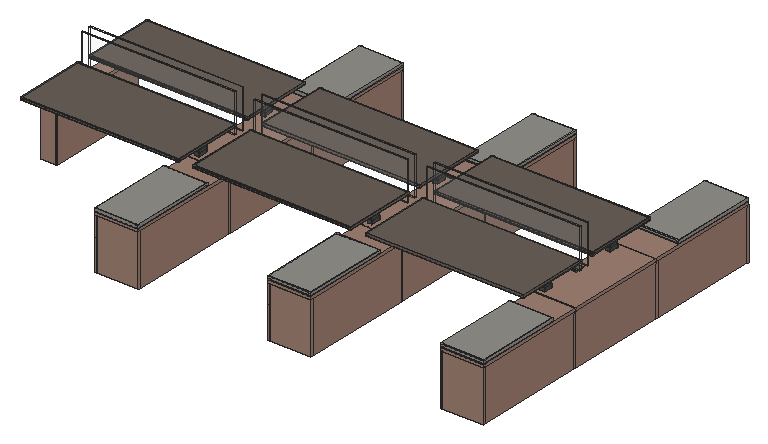
Revit family "T200199", category Furniture, Revit 2015 (continued)
Definition of nested family "STAKS BOX-FILE-OPEN SHELVES FLOOR STORAGE Right 42-48"
  Reference planes (in)
    plane 30: x = -17.25
    plane 31: x = -17.625
    plane 32: x = -20.125
  Forms (in)
    Extrusion 1, solid, material <- "Board Material"
      sketch origin (0, 0, 0) x (-1, 0, 0) y (0, -1, 0)
        loop
          line (-16.75, 0) -> (-16, 0) -> (-16, 17.25) -> (-16.75, 17.25) -> (-16.75, 0)
      from 0.5 to 21.875
    Extrusion 2, solid, material <- "Board Material"
      sketch origin (0, 0, 0) x (1, 0, 0) y (0, 1, 0)
        loop
          line (-24.5, -0.75) -> (-24.5, -17.25) -> (16, -17.25) -> (16, -0.75) -> (-24.5, -0.75)
      from 0.5 to 1.5
    Extrusion 3, solid, material <- "Top Material"
      sketch origin (0, 0, 0) x (1, 0, 0) y (0, 1, 0)
        loop
          line (-25.25, 0) -> (-25.25, -18) -> (16.75, -18) -> (16.75, 0) -> (-25.25, 0)
      from 21.875 to 23
    Extrusion 4, solid, material <- "Board Material"
      sketch origin (0, 27.875, 0) x (1, 0, 0) y (0, 1, 0)
        loop
          line (-24.5, -27.875) -> (-24.5, -28.625) -> (16, -28.625) -> (16, -27.875) -> (-24.5, -27.875)
      from 0.5 to 21.875
    Revolve 5, solid, material <- "Leg Caps Material"
      sketch origin (-11.27629, -3.5, 0) x (-1, 0, 0) y (0, 0, -1)
        loop
          line (-26.02629, -0.5) -> (-25.83829, -0.5) -> (-25.83829, 0) -> (-26.21329, 0) -> (-26.21329, -0.12502)
          arc (-26.21329, -0.12502) -> (-26.17668, -0.2134) -> (-26.08831, -0.25) r 0.12498
          line (-26.08831, -0.25) -> (-26.02629, -0.25) -> (-26.02629, -0.5)
        axis (-25.83829, 0) -> (-25.83829, -0.5)
      angle from 0 to 360
    Revolve 6, solid, material <- "Leg Caps Material"
      sketch origin (-7.02629, -14.5, 0) x (-1, 0, 0) y (0, 0, 1)
        loop
          line (-21.77629, 0.5) -> (-21.77629, 0.25) -> (-21.83831, 0.25)
          arc (-21.83831, 0.25) -> (-21.92668, 0.2134) -> (-21.96329, 0.12502) r 0.12498
          line (-21.96329, 0.12502) -> (-21.96329, 0) -> (-21.58829, 0) -> (-21.58829, 0.5) -> (-21.77629, 0.5)
        axis (-21.58829, 0) -> (-21.58829, 0.5)
      angle from 0 to 360
    Extrusion 7, solid, material <- "Board Material"
      sketch origin (-29.25, 0, 0) x (-1, 0, 0) y (0, -1, 0)
        loop
          line (-4.75, 0) -> (-4, 0) -> (-4, 17.25) -> (-4.75, 17.25) -> (-4.75, 0)
      from 0.5 to 21.875
    Extrusion 8, solid, material <- "Board Material"
      sketch origin (7.66893, 0, 0) x (1, 0, 0) y (0, 1, 0)
        loop
          line (9.08107, -17.25) -> (-20.91893, -17.25) -> (-20.91893, -18) -> (9.08107, -18) -> (9.08107, -17.25)
      from 0.5 to 13.86625
    Extrusion 9, solid, material <- "Board Material"
      sketch origin (-14.875, 0, 0) x (-1, 0, 0) y (0, -1, 0)
        loop
          line (-2.375, 0.75) -> (-1.625, 0.75) -> (-1.625, 17.25) -> (-2.375, 17.25) -> (-2.375, 0.75)
      from 1.5 to 21.875
    Extrusion 10, solid, material <- "Board Material"
      sketch origin (-29.25, 0, 0) x (-1, 0, 0) y (0, 0, -1)
        loop
          line (-16, -13.86625) -> (-4.75, -13.86625) -> (-4.75, -13.11625) -> (-16, -13.11625) -> (-16, -13.86625)
      from 0.75 to 17.25
    Extrusion 11, solid, material <- "Board Material"
      sketch origin (9.49697, 0, 14.88819) x (1, 0, 0) y (0, 1, 0)
        loop
          line (7.25303, -17.25) -> (-22.74697, -17.25) -> (-22.74697, -18) -> (7.25303, -18) -> (7.25303, -17.25)
      from -0.95944 to 6.98681
    Extrusion 12, solid, material <- "Drawer Handle Material"
      sketch origin (-29.25, 0, 0) x (-1, 0, 0) y (0, -1, 0)
        loop
          line (-20.75, 18.875) -> (-41.25, 18.875) -> (-41.25, 18) -> (-40.875, 18) -> (-40.875, 18.6875) -> (-21.125, 18.6875) -> (-21.125, 18) -> (-20.75, 18) -> (-20.75, 18.875)
      from 20.19685 to 20.6656
    Extrusion 13, solid, material <- "Drawer Handle Material"
      sketch origin (-29.25, 0, -7) x (-1, 0, 0) y (0, -1, 0)
        loop
          line (-20.75, 18.875) -> (-41.25, 18.875) -> (-41.25, 18) -> (-40.875, 18) -> (-40.875, 18.6875) -> (-21.125, 18.6875) -> (-21.125, 18) -> (-20.75, 18) -> (-20.75, 18.875)
      from 20.19685 to 20.6656
    Revolve 14, solid, material <- "Leg Caps Material"
      sketch origin (2.40129, -3.5, 0) x (1, 0, 0) y (0, 0, 1)
        loop
          line (-25.65129, 0.5) -> (-25.65129, 0.25) -> (-25.71331, 0.25)
          arc (-25.71331, 0.25) -> (-25.80168, 0.2134) -> (-25.83829, 0.12502) r 0.12498
          line (-25.83829, 0.12502) -> (-25.83829, 0) -> (-25.46329, 0) -> (-25.46329, 0.5) -> (-25.65129, 0.5)
        axis (-25.46329, 0) -> (-25.46329, 0.5)
      angle from 0 to 360
    Revolve 15, solid, material <- "Leg Caps Material"
      sketch origin (-2.22371, -14.5, 0) x (1, 0, 0) y (0, 0, -1)
        loop
          line (-21.02629, -0.5) -> (-20.83829, -0.5) -> (-20.83829, 0) -> (-21.21329, 0) -> (-21.21329, -0.12502)
          arc (-21.21329, -0.12502) -> (-21.17668, -0.2134) -> (-21.08831, -0.25) r 0.12498
          line (-21.08831, -0.25) -> (-21.02629, -0.25) -> (-21.02629, -0.5)
        axis (-20.83829, 0) -> (-20.83829, -0.5)
      angle from 0 to 360
    Revolve 16, solid, material <- "Leg Caps Material"
      sketch origin (21.08829, -3.5, 0) x (1, 0, 0) y (0, 0, 1)
        loop
          line (-34.15129, 0.5) -> (-34.15129, 0.25) -> (-34.21331, 0.25)
          arc (-34.21331, 0.25) -> (-34.30168, 0.2134) -> (-34.33829, 0.12502) r 0.12498
          line (-34.33829, 0.12502) -> (-34.33829, 0) -> (-33.96329, 0) -> (-33.96329, 0.5) -> (-34.15129, 0.5)
        axis (-33.96329, 0) -> (-33.96329, 0.5)
      angle from 0 to 360
    Revolve 17, solid, material <- "Leg Caps Material"
      sketch origin (16.46329, -14.5, 0) x (1, 0, 0) y (0, 0, -1)
        loop
          line (-29.52629, -0.5) -> (-29.33829, -0.5) -> (-29.33829, 0) -> (-29.71329, 0) -> (-29.71329, -0.12502)
          arc (-29.71329, -0.12502) -> (-29.67668, -0.2134) -> (-29.58831, -0.25) r 0.12498
          line (-29.58831, -0.25) -> (-29.52629, -0.25) -> (-29.52629, -0.5)
        axis (-29.33829, 0) -> (-29.33829, -0.5)
      angle from 0 to 360
  Dimensions and locks (in)
    "Height": plane 6 "Height Top" to level
    "Board Thick Sides": plane 7 to plane 4 "Right End"
    "Board Thick Top": plane 6 "Height Top" to plane 8
    "Board Thick Bot": plane 10 to plane 9
    "Bottom Board Offset": plane 9 to level
    "Board Thick Front": plane 11 to plane 3 "Front End"
    "Leg Offset": plane 12 to plane 4 "Right End"
    "Board Thick Door": plane 13 to plane 3 "Front End"
    "Board Thick Back": plane 14 to plane 1 "Center Front/Back"
    "Depth": plane 13 to plane 1 "Center Front/Back"
    "Top Board Back Offset": plane 15 to plane 5 "Back End"
    "Board Thick Internal": plane 16 to plane 17
    "Shelf Height": plane 16 to level
    "Drawer Gap": plane 18 to plane 16
    equal spacing: plane 23, plane 19 "Center Left Right", plane 4 "Right End"
    "Width": plane 4 "Right End" to plane 23
    "Board Thick Internal": plane 21 to plane 22
    "Board Thick Sides": plane 23 to plane 20
    "Drawers Width": plane 21 to plane 7
    "Leg Offset": plane 24 to plane 23
    locked: plane 25 to plane 7 at 4
    locked: plane 21 to plane 27 at 4
    locked: plane 26 to plane 25 at 0.375
    locked: plane 27 to plane 28 at 0.375
    locked: plane 20 to plane 29 at 4
    locked: plane 30 to plane 22 at 4
    locked: plane 31 to plane 30 at 0.375
    locked: plane 29 to plane 32 at 0.375
    aligned and locked: level to plane 2
    aligned and locked: plane 7 to Extrusion 1
    aligned and locked: Extrusion 1 to plane 4 "Right End"
    aligned and locked: plane 9 to Extrusion 1
    aligned and locked: plane 7 to Extrusion 2 sketch curve
    aligned and locked: Extrusion 4 to plane 9
    aligned and locked: Extrusion 4 to plane 8
    aligned and locked: Extrusion 1 to plane 8
    aligned and locked: Extrusion 3 to plane 13
    aligned and locked: Extrusion 3 to plane 4 "Right End"
    aligned and locked: plane 6 "Height Top" to Extrusion 3
    aligned and locked: Extrusion 3 to plane 8
    aligned and locked: Extrusion 4 to plane 14
    aligned and locked: Extrusion 4 to plane 1 "Center Front/Back"
    aligned and locked: Extrusion 3 to plane 15
    aligned and locked: Extrusion 1 to plane 3 "Front End"
    aligned and locked: plane 12 to Revolve 5
    aligned and locked: plane 20 to Extrusion 7 sketch curve
    aligned and locked: plane 22 to Extrusion 8
    aligned and locked: Extrusion 10 sketch curve to plane 20
    aligned and locked: Extrusion 10 sketch curve to plane 22
    aligned and locked: Extrusion 10 to Extrusion 8
    aligned and locked: plane 22 to Extrusion 11
    aligned and locked: plane 23 to Extrusion 7
    aligned and locked: plane 23 to Extrusion 3
    aligned and locked: plane 20 to Extrusion 2
    aligned and locked: Extrusion 7 to plane 9
    aligned and locked: Extrusion 12 to plane 25
    aligned and locked: Extrusion 13 to plane 25
    aligned and locked: plane 26 to Extrusion 12
    aligned and locked: plane 26 to Extrusion 13
    aligned and locked: Extrusion 12 to plane 28
    aligned and locked: Extrusion 13 to plane 28
    aligned and locked: Extrusion 12 to plane 27
    aligned and locked: Extrusion 13 to plane 27
    aligned and locked: Extrusion 7 to plane 5 "Back End"
    aligned and locked: plane 20 to Extrusion 4
    aligned and locked: Extrusion 4 to plane 7
    aligned and locked: Extrusion 1 to plane 5 "Back End"
  Automatic sketch dimensions
    Extrusion 1 sketch curve to plane 3 "Front End" = 0.00"
    Extrusion 1 sketch curve to plane 4 "Right End" = 0.00"
    Extrusion 1 sketch curve to plane 7 = 0.00"
    plane 1 "Center Front/Back" to Extrusion 1 sketch curve = 0.00"
    Extrusion 2 sketch curve to plane 3 "Front End" = 0.00"
    Extrusion 2 sketch curve to plane 20 = 0.00"
    Extrusion 2 sketch curve to plane 14 = 0.00"
    Extrusion 3 sketch curve to plane 13 = 0.00"
    Extrusion 3 sketch curve to plane 23 = 0.00"
    Extrusion 3 sketch curve to plane 4 "Right End" = 0.00"
    plane 1 "Center Front/Back" to Extrusion 3 sketch curve = 0.00"
    Extrusion 4 sketch curve to plane 14 = 0.00"
    Extrusion 4 sketch curve to plane 20 = 0.00"
    Extrusion 4 sketch curve to plane 7 = 0.00"
    plane 1 "Center Front/Back" to Extrusion 4 sketch curve = 0.00"
    Revolve 5 sketch curve to level = 0.00"
    plane 12 to Revolve 5 sketch curve = 0.00"
    Revolve 5 sketch curve to plane 9 = 0.00"  (x2)
    level to Revolve 5 sketch curve = 0.25"
    Revolve 5 sketch curve to plane 12 = 0.06202"
    Revolve 5 sketch curve to Revolve 5 sketch curve = 0.12498"
    plane 12 to Revolve 5 sketch curve = 0.188"  (x2)
    plane 9 to Revolve 5 sketch curve = 0.25"
    Revolve 6 sketch curve to level = 0.00"
    plane 12 to Revolve 6 sketch curve = 0.00"
    Revolve 6 sketch curve to plane 9 = 0.00"  (x2)
    level to Revolve 6 sketch curve = 0.12502"
    Revolve 6 sketch curve to plane 12 = 0.06202"
    Revolve 6 sketch curve to Revolve 6 sketch curve = 0.12498"
    plane 12 to Revolve 6 sketch curve = 0.188"  (x2)
    plane 9 to Revolve 6 sketch curve = 0.25"
    Extrusion 7 sketch curve to plane 3 "Front End" = 0.00"
    Extrusion 7 sketch curve to plane 23 = 0.00"
    plane 1 "Center Front/Back" to Extrusion 7 sketch curve = 0.00"
    Extrusion 8 sketch curve to plane 3 "Front End" = 0.00"
    Extrusion 8 sketch curve to plane 22 = 0.00"
    Extrusion 8 sketch curve to plane 4 "Right End" = 0.00"
    plane 13 to Extrusion 8 sketch curve = 0.00"
    Extrusion 9 sketch curve to plane 3 "Front End" = 0.00"
    Extrusion 9 sketch curve to plane 21 = 0.00"
    Extrusion 9 sketch curve to plane 22 = 0.00"
    Extrusion 9 sketch curve to plane 14 = 0.00"
    Extrusion 10 sketch curve to plane 16 = 0.00"
    Extrusion 10 sketch curve to plane 17 = 0.00"
    Extrusion 11 sketch curve to plane 3 "Front End" = 0.00"
    Extrusion 11 sketch curve to plane 22 = 0.00"
    Extrusion 11 sketch curve to plane 4 "Right End" = 0.00"
    plane 13 to Extrusion 11 sketch curve = 0.00"
    plane 13 to Extrusion 12 sketch curve = 0.00"  (x2)
    Extrusion 12 sketch curve to plane 25 = 0.00"
    Extrusion 12 sketch curve to plane 26 = 0.00"
    Extrusion 12 sketch curve to plane 28 = 0.00"
    Extrusion 12 sketch curve to plane 27 = 0.00"
    plane 13 to Extrusion 12 sketch curve = 0.6875"
    Extrusion 12 sketch curve to Extrusion 12 sketch curve = 0.1875"
    plane 13 to Extrusion 13 sketch curve = 0.00"  (x2)
    Extrusion 13 sketch curve to plane 25 = 0.00"
    Extrusion 13 sketch curve to plane 26 = 0.00"
    Extrusion 13 sketch curve to plane 28 = 0.00"
    Extrusion 13 sketch curve to plane 27 = 0.00"
    plane 13 to Extrusion 13 sketch curve = 0.6875"
    Extrusion 13 sketch curve to Extrusion 13 sketch curve = 0.1875"
    Revolve 14 sketch curve to level = 0.00"
    Revolve 14 sketch curve to plane 24 = 0.00"
    Revolve 14 sketch curve to plane 9 = 0.00"  (x2)
    level to Revolve 14 sketch curve = 0.12502"
    Revolve 14 sketch curve to plane 24 = 0.06202"
    Revolve 14 sketch curve to Revolve 14 sketch curve = 0.12498"
    plane 24 to Revolve 14 sketch curve = 0.188"  (x2)
    plane 9 to Revolve 14 sketch curve = 0.25"
    Revolve 15 sketch curve to level = 0.00"
    Revolve 15 sketch curve to plane 24 = 0.00"
    Revolve 15 sketch curve to plane 9 = 0.00"  (x2)
    level to Revolve 15 sketch curve = 0.25"
    Revolve 15 sketch curve to plane 24 = 0.06202"
    Revolve 15 sketch curve to Revolve 15 sketch curve = 0.12498"
    plane 24 to Revolve 15 sketch curve = 0.188"  (x2)
    plane 9 to Revolve 15 sketch curve = 0.25"
    Revolve 16 sketch curve to plane 22 = 0.00"
    Revolve 16 sketch curve to plane 9 = 0.00"  (x2)
    Revolve 16 sketch curve to level = 0.00"
    level to Revolve 16 sketch curve = 0.12502"
    plane 22 to Revolve 16 sketch curve = 0.12498"
    Revolve 16 sketch curve to Revolve 16 sketch curve = 0.06202"
    Revolve 16 sketch curve to Revolve 16 sketch curve = 0.25002"
    Revolve 16 sketch curve to Revolve 16 sketch curve = 0.00"
    plane 9 to Revolve 16 sketch curve = 0.25"
    Revolve 17 sketch curve to plane 22 = 0.00"
    Revolve 17 sketch curve to plane 9 = 0.00"  (x2)
    Revolve 17 sketch curve to level = 0.00"
    level to Revolve 17 sketch curve = 0.25"
    plane 22 to Revolve 17 sketch curve = 0.12498"
    Revolve 17 sketch curve to Revolve 17 sketch curve = 0.06202"
    Revolve 17 sketch curve to Revolve 17 sketch curve = 0.25002"
    Revolve 17 sketch curve to Revolve 17 sketch curve = 0.00"
    plane 9 to Revolve 17 sketch curve = 0.25"
Definition of nested family "STAKS HEIGHT ADJUSTABLE WORKSURFACE"
  Parameters (values of type "STAKS HEIGHT ADJUSTABLE WORKSURFACE 54x30")
    Width = 54.00"
    Veneer Material = none
    URL = "http://www.ofs.com/"
    PVC Edge [instance] = not([3D Laminate])  # yes
    Height [instance] = 21.00"
    Edge Material = none
    Model = "6-5430HAWS"
    Manufacturer = "OFS"
    Description = "OFS STAKS HEIGHT ADJUSTABLE WORKSURFACE, 54\" Width x 30\" Depth Long Grain, Includes Height Adjustable Control, Switch and Cables"
    Depth = 30.00"
    Copyright © = "© 2018 OFS"
    Catalog = "https://ofs.com/products/open-plan/benching/staks"
    Authoring Version = "Autodesk Revit Architecture 2013"
    Assembly Code = "E2020200"
    3D Laminate Material = none
    3D Laminate [instance] = no
  Types (5): name | Width | Model | Description
    (no name) | 54.00" | "6-5430HAWS" | "OFS STAKS HEIGHT ADJUSTABLE WORKSURFACE, 54\" Width x 30\" Depth Long Grain, Includes Height Adjustable Control, Switch and Cables"
    STAKS HEIGHT ADJUSTABLE WORKSURFACE 54x30 | 54.00" | "6-5430HAWS" | "OFS STAKS HEIGHT ADJUSTABLE WORKSURFACE, 54\" Width x 30\" Depth Long Grain, Includes Height Adjustable Control, Switch and Cables"
    STAKS HEIGHT ADJUSTABLE WORKSURFACE 60x30 | 60.00" | "6-6030HAWS" | "OFS STAKS HEIGHT ADJUSTABLE WORKSURFACE, 60\" Width x 30\" Depth Long Grain, Includes Height Adjustable Control, Switch and Cables"
    STAKS HEIGHT ADJUSTABLE WORKSURFACE 66x30 | 66.00" | "6-6630HAWS" | "OFS STAKS HEIGHT ADJUSTABLE WORKSURFACE, 66\" Width x 30\" Depth Long Grain, Includes Height Adjustable Control, Switch and Cables"
    STAKS HEIGHT ADJUSTABLE WORKSURFACE 72x30 | 72.00" | "6-7230HAWS" | "OFS STAKS HEIGHT ADJUSTABLE WORKSURFACE, 72\" Width x 30\" Depth Long Grain, Includes Height Adjustable Control, Switch and Cables"
  Reference planes (in)
    plane 1 "Center (Front/Back)": y = 0
    plane 2: z = 0
    plane 3 "Center (Left/Right)": x = 0
    plane 4: x = 27
    plane 5: x = -27
    plane 6: y = 15
    plane 7: y = -15
    plane 8: z = 19.875
    plane 9: z = 21
  Forms (in)
    Extrusion 1, solid, material <- "3D Laminate Material", visible <- "3D Laminate"
      sketch origin (3.56329, 81.33771, 7) x (-1, 0, 0) y (0, -1, 0)
        loop
          line (30.56329, 66.33771) -> (30.56329, 96.33771) -> (-23.43671, 96.33771) -> (-23.43671, 66.33771) -> (30.56329, 66.33771)
      from 14 to 12.875
    Extrusion 2, solid, material <- "Veneer Material", visible <- "PVC Edge"
      sketch origin (3.56329, 81.33771, 3.5) x (-1, 0, 0) y (0, -1, 0)
        loop
          line (30.43829, 66.46271) -> (30.43829, 96.21271) -> (-23.31171, 96.21271) -> (-23.31171, 66.46271) -> (30.43829, 66.46271)
      from 17.5 to 16.375
    Sweep 3, solid, material <- "Edge Material", visible <- "PVC Edge"
      path origin (31.86692, 60.25439, 21) x (0, 1, 0) y (-1, 0, 0)
        loop
          line (-45.25439, 58.86692) -> (-75.25439, 58.86692) -> (-75.25439, 4.86692) -> (-45.25439, 4.86692) -> (-45.25439, 58.86692)
      profile origin (-27, 0, 21) x (1, 0, 0) y (0, 0, 1)
        loop
          arc (0, -1) -> (0.03661, -1.08839) -> (0.125, -1.125) r 0.125
          line (0.125, -1.125) -> (0.125, 0)
          arc (0.125, 0) -> (0.03661, -0.03661) -> (0, -0.125) r 0.125
          line (0, -0.125) -> (0, -1)
  Dimensions and locks (in)
    equal spacing: plane 5, plane 3 "Center (Left/Right)", plane 4
    "Width": plane 5 to plane 4
    "Depth": plane 6 to plane 7
    equal spacing: plane 7, plane 1 "Center (Front/Back)", plane 6
    locked: plane 9 to plane 8 at 1.125
    "Height": plane 9 to level
    aligned and locked: level to plane 2
    aligned and locked: Sweep 3 sketch curve to plane 5
    aligned and locked: Sweep 3 sketch curve to plane 6
    aligned and locked: Sweep 3 sketch curve to plane 7
    aligned and locked: Sweep 3 sketch curve to plane 4
    aligned and locked: Extrusion 2 sketch curve to Sweep 3  (x4)
    aligned and locked: Extrusion 1 sketch curve to plane 5
    aligned and locked: Extrusion 1 sketch curve to plane 7
    aligned and locked: Extrusion 1 sketch curve to plane 6
    aligned and locked: Extrusion 1 sketch curve to plane 4
    aligned and locked: plane 9 to Extrusion 1
    aligned and locked: plane 9 to Extrusion 2
    aligned and locked: plane 9 to Sweep 3
    aligned and locked: Extrusion 1 to plane 8
    aligned and locked: Extrusion 2 to plane 8
  Automatic sketch dimensions
    profile plane to Sweep 3 sketch curve = 0.00"
    Sweep 3 sketch curve to profile plane = 0.00"
    Sweep 3 sketch curve to profile plane = 0.125"
    Sweep 3 sketch curve to profile plane = 1.125"
Definition of nested family "STAKS PET WIRE MANAGER to Underside of Cross Rail"
  Parameters (values of type "STAKS PET WIRE MANAGER to Underside of Cross Rail 32in")
    Width = 32.00"
    Wire Manager Material = none
    URL = "http://www.ofs.com/"
    Height Above Floor [instance] = 20.00"
    Height = 5.00"
    Model = "WM-P32CR"
    Manufacturer = "OFS"
    Description = "OFS STAKS PET WIRE MANAGER to Underside of Cross Rail 32\" Width, for use with 54\" Worksurface"
    Depth = 6.00"
    Copyright © = "© 2018 OFS"
    Catalog = "https://ofs.com/products/open-plan/benching/staks"
    Authoring Version = "Autodesk Revit Architecture 2013"
    Assembly Code = "E2020200"
  Types (4): name | Width | Model | Description
    (no name) | 32.00" | "WM-P32CR" | "OFS STAKS PET WIRE MANAGER to Underside of Cross Rail 32\" Width, for use with 54\" Worksurface"
    STAKS PET WIRE MANAGER to Underside of Cross Rail 32in | 32.00" | "WM-P32CR" | "OFS STAKS PET WIRE MANAGER to Underside of Cross Rail 32\" Width, for use with 54\" Worksurface"
    STAKS PET WIRE MANAGER to Underside of Cross Rail 44in | 44.00" | "WM-P44CR" | "OFS STAKS PET WIRE MANAGER to Underside of Cross Rail 44\" Width, for use with 60\" and 66\" Worksurfaces"
    STAKS PET WIRE MANAGER to Underside of Cross Rail 56in | 56.00" | "WM-P56CR" | "OFS STAKS PET WIRE MANAGER to Underside of Cross Rail 56\" Width, for use with 72\" Worksurface"
  Reference planes (in)
    plane 1 "Center (Front/Back)": y = 0
    plane 2: z = 0
    plane 3 "Center (Left/Right)": x = 0
    plane 4: x = 16
    plane 5: x = -16
    plane 6: y = 3
    plane 7: y = -3
    plane 8: z = 15
    plane 9: z = 20
    plane 10: x = -13.75
    plane 11: x = 13.75
    plane 12: z = 15.25
  Forms (in)
    Extrusion 1, solid, material <- "Wire Manager Material"
      sketch origin (0, 0, 0) x (0, 1, 0) y (0, 0, 1)
        loop
          line (-1.16789, 15) -> (1.16789, 15)
          arc (1.16789, 15) -> (1.40707, 15.04758) -> (1.60983, 15.18306) r 0.625
          line (1.60983, 15.18306) -> (3, 16.57322) -> (2.82322, 16.75) -> (1.43306, 15.35983)
          arc (1.43306, 15.35983) -> (1.3114, 15.27855) -> (1.16789, 15.25) r 0.375
          line (1.16789, 15.25) -> (-1.16789, 15.25)
          arc (-1.16789, 15.25) -> (-1.3114, 15.27855) -> (-1.43306, 15.35983) r 0.375
          line (-1.43306, 15.35983) -> (-2.82322, 16.75) -> (-3, 16.57322) -> (-1.60983, 15.18306)
          arc (-1.60983, 15.18306) -> (-1.40707, 15.04758) -> (-1.16789, 15) r 0.625
      from -16 to 16
    Extrusion 2, solid, material <- "Wire Manager Material"
      sketch origin (0, 0, 0) x (1, 0, 0) y (0, 1, 0)
        loop
          circle (-13.75, 0) r 0.375
      from 15.25 to 20
    Extrusion 3, solid, material <- "Wire Manager Material"
      sketch origin (0, 0, 0) x (-1, 0, 0) y (0, -1, 0)
        loop
          circle (-13.75, 0) r 0.375
      from 15.25 to 20
  Dimensions and locks (in)
    equal spacing: plane 5, plane 3 "Center (Left/Right)", plane 4
    "Width": plane 5 to plane 4
    "Depth": plane 6 to plane 7
    equal spacing: plane 7, plane 1 "Center (Front/Back)", plane 6
    "Height": plane 9 to plane 8
    "Height Above Floor": plane 9 to level
    locked: plane 5 to plane 10 at 2.25
    locked: plane 4 to plane 11 at 2.25
    locked: plane 12 to plane 8 at 0.25
    aligned and locked: level to plane 2
    aligned and locked: plane 5 to Extrusion 1
    aligned and locked: plane 4 to Extrusion 1
    aligned and locked: plane 9 to Extrusion 2
    aligned and locked: plane 9 to Extrusion 3
    aligned and locked: Extrusion 3 to plane 12
    aligned and locked: Extrusion 2 to plane 12
  Automatic sketch dimensions
    Extrusion 1 sketch curve to Extrusion 1 sketch curve = 0.00"  (x4)
    Extrusion 1 sketch curve to plane 7 = 0.00"
    Extrusion 1 sketch curve to plane 8 = 0.00"
    Extrusion 1 sketch curve to plane 6 = 0.00"
    plane 8 to Extrusion 1 sketch curve = 0.18306"  (x2)
    Extrusion 1 sketch curve to plane 7 = 0.17678"
    Extrusion 1 sketch curve to plane 7 = 1.39017"
    plane 8 to Extrusion 1 sketch curve = 0.35983"  (x2)
    Extrusion 1 sketch curve to Extrusion 1 sketch curve = 0.17678"
    Extrusion 1 sketch curve to Extrusion 1 sketch curve = 0.26517"  (x2)
    Extrusion 1 sketch curve to plane 1 "Center (Front/Back)" = 1.16789"
    Extrusion 1 sketch curve to plane 6 = 0.17678"
    plane 1 "Center (Front/Back)" to Extrusion 2 sketch curve = 0.00"
    Extrusion 2 sketch curve to plane 10 = 0.00"
    plane 1 "Center (Front/Back)" to Extrusion 3 sketch curve = 0.00"
    Extrusion 3 sketch curve to plane 11 = 0.00"
    radius of Extrusion 2 sketch curve = 0.375"
    radius of Extrusion 3 sketch curve = 0.375"
Definition of nested family "STAKS CROSS RAIL BASIC POWER Double Sided Three Circuit"
  Parameters (values of type "STAKS CROSS RAIL BASIC POWER Double Sided Three Circuit 54in")
    Width = 48.00"
    URL = "http://www.ofs.com/"
    Surface Material = none
    Power Block Material = none
    Power Block Casing Material = none
    Model = "6-54PRB-4"
    Metal Conduit Material = none
    Manufacturer = "OFS"
    Height = 5.25"
    Duplex Receptacle Material = none
    Description = "OFS STAKS CROSS RAIL BASIC POWER for Use with 54\" Double Sided Height Adjustable Cabinets & Panel Bases, Three Circuit"
    Depth = 6.00"
    Copyright © = "© 2018 OFS"
    Catalog = "https://ofs.com/products/open-plan/benching/staks"
    Bracket Material = none
    Authoring Version = "Autodesk Revit Architecture 2013"
    Assembly Code = "E2020200"
  Types (5): name | Width | Model | Description
    (no name) | 48.00" | "6-54PRB-4" | "OFS STAKS CROSS RAIL BASIC POWER for Use with 54\" Double Sided Height Adjustable Cabinets & Panel Bases, Three Circuit"
    STAKS CROSS RAIL BASIC POWER Double Sided Three Circuit 54in | 48.00" | "6-54PRB-4" | "OFS STAKS CROSS RAIL BASIC POWER for Use with 54\" Double Sided Height Adjustable Cabinets & Panel Bases, Three Circuit"
    STAKS CROSS RAIL BASIC POWER Double Sided Three Circuit 60in | 54.00" | "6-60PRB-4" | "OFS STAKS CROSS RAIL BASIC POWER for Use with 60\" Double Sided Height Adjustable Cabinets & Panel Bases, Three Circuit"
    STAKS CROSS RAIL BASIC POWER Double Sided Three Circuit 66in | 60.00" | "6-66PRB-4" | "OFS STAKS CROSS RAIL BASIC POWER for Use with 66\" Double Sided Height Adjustable Cabinets & Panel Bases, Three Circuit"
    STAKS CROSS RAIL BASIC POWER Double Sided Three Circuit 72in | 66.00" | "6-72PRB-4" | "OFS STAKS CROSS RAIL BASIC POWER for Use with 72\" Double Sided Height Adjustable Cabinets & Panel Bases, Three Circuit"
  Reference planes (in)
    plane 1 "Center (Front/Back)": y = 0
    plane 2: z = 0
    plane 3 "Center (Left/Right)": x = 0
    plane 4: z = 21.67035
    plane 5: z = 27.87507
    plane 6: x = -19.50147
    plane 7: x = -17.03389
    plane 8: x = -15.9687
    plane 9: x = -14.91102
    plane 10: x = -18.08898
    plane 11: x = -7.4956
    plane 12: x = -9.96318
    plane 13: x = -11.02837
    plane 14: x = -12.08605
    plane 15: x = -8.90809
    plane 16: x = -24
    plane 17: x = -3
    plane 18: x = -20.08661
    plane 19: z = 17.34957
    plane 20: x = -21.08661
    plane 21: x = -13.49853
    plane 22: x = -6.91045
    plane 23: x = -5.91045
    plane 24: x = 19.50147
    plane 25: x = 17.03389
    plane 26: x = 15.9687
    plane 27: x = 14.91102
    plane 28: x = 18.08898
    plane 29: x = 7.4956
    plane 30: x = 9.96318
    plane 31: x = 11.02837
    plane 32: x = 12.08605
    plane 33: x = 8.90809
    plane 34: x = 24
    plane 35: x = 3
    plane 36: x = 20.08661
    plane 37: x = 21.08661
    plane 38: x = 13.49853
    plane 39: x = 6.91045
    plane 40: x = 5.91045
    plane 41: x = 8.2456
    plane 42: x = -8.2456
    plane 43: x = 7.4956
    plane 44: x = -7.4956
    plane 45: x = -6.95298
    plane 46: x = -5.82454
    plane 47: x = -4.74522
    plane 48: x = 6.95298
    plane 49: x = 5.82454
    plane 50: x = 4.74522
    plane 51: y = 3
    plane 52: y = -3
    plane 53: y = 2
    plane 54: y = -2
    plane 55: z = 22.5
    plane 56: z = 21.75
    plane 57: z = 20.75
    plane 58: x = 0.5
    plane 59: x = -0.5
  Forms (in)
    Extrusion 1, solid, material <- "Power Block Material"
      sketch origin (-38.7456, 0, -7.21714) x (-1, 0, 0) y (0, 0, -1)
        loop
          line (-29.43829, -26.82737) -> (-27.05878, -26.82737)
          arc (-27.05878, -26.82737) -> (-26.91515, -26.76787) -> (-26.85565, -26.62424) r 0.20313
          line (-26.85565, -26.62424) -> (-26.85565, -26.53164)
          arc (-26.85565, -26.53164) -> (-26.71755, -26.47993) -> (-26.65956, -26.34434) r 0.1875
          line (-26.65956, -26.34434) -> (-26.65956, -25.86145)
          arc (-26.65956, -25.86145) -> (-26.71755, -25.72587) -> (-26.85565, -25.67415) r 0.1875
          line (-26.85565, -25.67415) -> (-26.85565, -25.58155)
          arc (-26.85565, -25.58155) -> (-26.91515, -25.43792) -> (-27.05878, -25.37842) r 0.20313
          line (-27.05878, -25.37842) -> (-29.43829, -25.37842)
          arc (-29.43829, -25.37842) -> (-29.58192, -25.43792) -> (-29.64141, -25.58155) r 0.20313
          line (-29.64141, -25.58155) -> (-29.64141, -25.67415)
          arc (-29.64141, -25.67415) -> (-29.77952, -25.72587) -> (-29.83751, -25.86145) r 0.1875
          line (-29.83751, -25.86145) -> (-29.83751, -26.34434)
          arc (-29.83751, -26.34434) -> (-29.77952, -26.47993) -> (-29.64141, -26.53164) r 0.1875
          line (-29.64141, -26.53164) -> (-29.64141, -26.62424)
          arc (-29.64141, -26.62424) -> (-29.58192, -26.76787) -> (-29.43829, -26.82737) r 0.20313
        loop
          arc (-29.43829, -25.44092) -> (-29.53773, -25.48211) -> (-29.57891, -25.58155) r 0.14063
          line (-29.57891, -25.58155) -> (-29.57891, -25.68958)
          arc (-29.57891, -25.68958) -> (-29.59504, -25.72496) -> (-29.63257, -25.73768) r 0.04688
          arc (-29.63257, -25.73768) -> (-29.732, -25.7671) -> (-29.77501, -25.86145) r 0.125
          line (-29.77501, -25.86145) -> (-29.77501, -26.34434)
          arc (-29.77501, -26.34434) -> (-29.732, -26.43869) -> (-29.63233, -26.4698) r 0.125
          arc (-29.63233, -26.4698) -> (-29.59504, -26.48083) -> (-29.57891, -26.51622) r 0.04688
          line (-29.57891, -26.51622) -> (-29.57891, -26.62424)
          arc (-29.57891, -26.62424) -> (-29.53773, -26.72368) -> (-29.43829, -26.76487) r 0.14063
          line (-29.43829, -26.76487) -> (-27.05878, -26.76487)
          arc (-27.05878, -26.76487) -> (-26.95934, -26.72368) -> (-26.91815, -26.62424) r 0.14063
          line (-26.91815, -26.62424) -> (-26.91815, -26.51622)
          arc (-26.91815, -26.51622) -> (-26.90202, -26.48083) -> (-26.8645, -26.46812) r 0.04688
          arc (-26.8645, -26.46812) -> (-26.76507, -26.43869) -> (-26.72206, -26.34434) r 0.125
          line (-26.72206, -26.34434) -> (-26.72206, -25.86145)
          arc (-26.72206, -25.86145) -> (-26.76507, -25.7671) -> (-26.86474, -25.73599) r 0.125
          arc (-26.86474, -25.73599) -> (-26.90202, -25.72496) -> (-26.91815, -25.68958) r 0.04688
          line (-26.91815, -25.68958) -> (-26.91815, -25.58155)
          arc (-26.91815, -25.58155) -> (-26.95934, -25.48211) -> (-27.05878, -25.44092) r 0.14063
          line (-27.05878, -25.44092) -> (-29.43829, -25.44092)
      from -0.39166 to 0.39063
    Extrusion 2, solid, material <- "Power Block Material"
      sketch origin (-38.7456, 0, -7.21714) x (-1, 0, 0) y (0, 0, -1)
        loop
          circle (-28.24853, -26.1029) r 0.0625
      from -0.74219 to 0.74219
    Extrusion 3, solid, material <- "Power Block Material"
      sketch origin (-38.7456, 0, -7.21714) x (0, 1, 0) y (0, 0, -1)
        loop
          line (0.1644, -27.50689) -> (0.6465, -27.24063)
          arc (0.6465, -27.24063) -> (0.73054, -27.04793) -> (0.56603, -26.91703) r 0.17257
          line (0.56603, -26.91703) -> (0, -26.90734) -> (-0.56603, -26.91703)
          arc (-0.56603, -26.91703) -> (-0.73054, -27.04793) -> (-0.6465, -27.24063) r 0.17257
          line (-0.6465, -27.24063) -> (-0.1644, -27.50689) -> (-0.10561, -27.41333) -> (-0.61836, -27.21311)
          arc (-0.61836, -27.21311) -> (-0.67504, -27.11429) -> (-0.59061, -27.03781) r 0.09084
          line (-0.59061, -27.03781) -> (0, -27.00335) -> (0.59061, -27.03781)
          arc (0.59061, -27.03781) -> (0.67504, -27.11429) -> (0.61836, -27.21311) r 0.09084
          line (0.61836, -27.21311) -> (0.10561, -27.41333) -> (0.1644, -27.50689)
      from -28.78242 to -27.71724
    Extrusion 4, solid, material <- "Power Block Material"
      sketch origin (-38.7456, 0, -7.21714) x (-1, 0, 0) y (0, 0, -1)
        loop
          arc (-29.72129, -27.26478) -> (-29.65664, -27.20013) -> (-29.72129, -27.13548) r 0.06465
          line (-29.72129, -27.13548) -> (-30.0026, -27.13548) -> (-30.0026, -26.98885) -> (-29.57923, -26.98885)
          arc (-29.57923, -26.98885) -> (-29.52695, -26.93658) -> (-29.57923, -26.8843) r 0.05228
          line (-29.57923, -26.8843) -> (-30.17424, -26.8843)
          arc (-30.17424, -26.8843) -> (-30.20204, -26.89741) -> (-30.20961, -26.92721) r 0.03604
          line (-30.20961, -26.92721) -> (-30.1526, -27.22052)
          arc (-30.1526, -27.22052) -> (-30.1337, -27.25229) -> (-30.0989, -27.26478) r 0.05471
          line (-30.0989, -27.26478) -> (-29.72129, -27.26478)
      from -0.64167 to 0.64063
    Extrusion 5, solid, material <- "Power Block Material"
      sketch origin (-26.74594, 0, -7.21714) x (1, 0, 0) y (0, 0, 1)
        loop
          line (14.77871, 27.26478) -> (14.4011, 27.26478)
          arc (14.4011, 27.26478) -> (14.3663, 27.25229) -> (14.3474, 27.22052) r 0.05471
          line (14.3474, 27.22052) -> (14.29039, 26.92721)
          arc (14.29039, 26.92721) -> (14.29796, 26.89741) -> (14.32576, 26.8843) r 0.03604
          line (14.32576, 26.8843) -> (14.92077, 26.8843)
          arc (14.92077, 26.8843) -> (14.97305, 26.93658) -> (14.92077, 26.98885) r 0.05228
          line (14.92077, 26.98885) -> (14.4974, 26.98885) -> (14.4974, 27.13548) -> (14.77871, 27.13548)
          arc (14.77871, 27.13548) -> (14.84336, 27.20013) -> (14.77871, 27.26478) r 0.06465
      from -0.64167 to 0.64063
    Extrusion 6, solid, material <- "Power Block Material"
      sketch origin (-44.74552, 0, -7.21714) x (-1, 0, 0) y (0, 0, -1)
        loop
          line (-36.878, -27.11384) -> (-36.70792, -26.1029) -> (-36.878, -25.09195) -> (-37.24991, -25.09195) -> (-37.24991, -27.11384) -> (-36.878, -27.11384)
      from -0.31166 to 0.3125
    Extrusion 7, solid, material <- "Power Block Material"
      sketch origin (-8.74862, 0, -7.21714) x (1, 0, 0) y (0, 0, 1)
        loop
          line (-4.378, 27.11384) -> (-4.74991, 27.11384) -> (-4.74991, 25.09195) -> (-4.378, 25.09195) -> (-4.20792, 26.1029) -> (-4.378, 27.11384)
      from -0.31166 to 0.3125
    Extrusion 8, solid, material <- "Power Block Material"
      sketch origin (-26.74707, 0, -7.21714) x (-1, 0, 0) y (0, 0, -1)
        loop
          line (-18.19584, -25.14782) -> (-18.28839, -25.56074) -> (-19.25147, -25.56074) -> (-19.25147, -26.64509) -> (-18.30793, -26.64509) -> (-18.19637, -27.0029) -> (-14.30363, -27.0029) -> (-14.19207, -26.64509) -> (-13.24853, -26.64509) -> (-13.24853, -25.56074) -> (-14.21161, -25.56074) -> (-14.30416, -25.14782) -> (-18.19584, -25.14782)
      from -0.22266 to 0.22334
    Extrusion 9, solid, material <- "Bracket Material"
      sketch origin (-29.75, 0, -4) x (1, 0, 0) y (0, 0, 1)
        loop
          arc (20.5925, 24.54741) -> (20.55649, 24.63434) -> (20.46956, 24.67035) r 0.12294
          line (20.46956, 24.67035) -> (18.03044, 24.67035)
          arc (18.03044, 24.67035) -> (17.94351, 24.63434) -> (17.9075, 24.54741) r 0.12294
          line (17.9075, 24.54741) -> (17.9075, 23.89535) -> (17.51946, 23.89535) -> (17.51946, 23.79535) -> (17.88796, 23.79535)
          arc (17.88796, 23.79535) -> (17.97259, 23.8304) -> (18.00764, 23.91503) r 0.11968
          line (18.00764, 23.91503) -> (18.00764, 24.57035) -> (20.49236, 24.57035) -> (20.49236, 23.91503)
          arc (20.49236, 23.91503) -> (20.52741, 23.8304) -> (20.61204, 23.79535) r 0.11968
          line (20.61204, 23.79535) -> (20.98054, 23.79535) -> (20.98054, 23.89535) -> (20.5925, 23.89535) -> (20.5925, 24.54741)
      from -0.5 to 0.5
    Extrusion 10, solid, material <- "Power Block Material"
      sketch origin (38.7456, 0, -7.21714) x (1, 0, 0) y (0, 0, 1)
        loop
          arc (-29.43829, 26.82737) -> (-29.58192, 26.76787) -> (-29.64141, 26.62424) r 0.20313
          line (-29.64141, 26.62424) -> (-29.64141, 26.53164)
          arc (-29.64141, 26.53164) -> (-29.77952, 26.47993) -> (-29.83751, 26.34434) r 0.1875
          line (-29.83751, 26.34434) -> (-29.83751, 25.86145)
          arc (-29.83751, 25.86145) -> (-29.77952, 25.72587) -> (-29.64141, 25.67415) r 0.1875
          line (-29.64141, 25.67415) -> (-29.64141, 25.58155)
          arc (-29.64141, 25.58155) -> (-29.58192, 25.43792) -> (-29.43829, 25.37842) r 0.20313
          line (-29.43829, 25.37842) -> (-27.05878, 25.37842)
          arc (-27.05878, 25.37842) -> (-26.91515, 25.43792) -> (-26.85565, 25.58155) r 0.20313
          line (-26.85565, 25.58155) -> (-26.85565, 25.67415)
          arc (-26.85565, 25.67415) -> (-26.71755, 25.72587) -> (-26.65956, 25.86145) r 0.1875
          line (-26.65956, 25.86145) -> (-26.65956, 26.34434)
          arc (-26.65956, 26.34434) -> (-26.71755, 26.47993) -> (-26.85565, 26.53164) r 0.1875
          line (-26.85565, 26.53164) -> (-26.85565, 26.62424)
          arc (-26.85565, 26.62424) -> (-26.91515, 26.76787) -> (-27.05878, 26.82737) r 0.20313
          line (-27.05878, 26.82737) -> (-29.43829, 26.82737)
        loop
          line (-29.43829, 25.44092) -> (-27.05878, 25.44092)
          arc (-27.05878, 25.44092) -> (-26.95934, 25.48211) -> (-26.91815, 25.58155) r 0.14063
          line (-26.91815, 25.58155) -> (-26.91815, 25.68958)
          arc (-26.91815, 25.68958) -> (-26.90202, 25.72496) -> (-26.86474, 25.73599) r 0.04688
          arc (-26.86474, 25.73599) -> (-26.76507, 25.7671) -> (-26.72206, 25.86145) r 0.125
          line (-26.72206, 25.86145) -> (-26.72206, 26.34434)
          arc (-26.72206, 26.34434) -> (-26.76507, 26.43869) -> (-26.8645, 26.46812) r 0.125
          arc (-26.8645, 26.46812) -> (-26.90202, 26.48083) -> (-26.91815, 26.51622) r 0.04688
          line (-26.91815, 26.51622) -> (-26.91815, 26.62424)
          arc (-26.91815, 26.62424) -> (-26.95934, 26.72368) -> (-27.05878, 26.76487) r 0.14063
          line (-27.05878, 26.76487) -> (-29.43829, 26.76487)
          arc (-29.43829, 26.76487) -> (-29.53773, 26.72368) -> (-29.57891, 26.62424) r 0.14063
          line (-29.57891, 26.62424) -> (-29.57891, 26.51622)
          arc (-29.57891, 26.51622) -> (-29.59504, 26.48083) -> (-29.63233, 26.4698) r 0.04688
          arc (-29.63233, 26.4698) -> (-29.732, 26.43869) -> (-29.77501, 26.34434) r 0.125
          line (-29.77501, 26.34434) -> (-29.77501, 25.86145)
          arc (-29.77501, 25.86145) -> (-29.732, 25.7671) -> (-29.63257, 25.73768) r 0.125
          arc (-29.63257, 25.73768) -> (-29.59504, 25.72496) -> (-29.57891, 25.68958) r 0.04688
          line (-29.57891, 25.68958) -> (-29.57891, 25.58155)
          arc (-29.57891, 25.58155) -> (-29.53773, 25.48211) -> (-29.43829, 25.44092) r 0.14063
      from -0.39166 to 0.39063
    Extrusion 11, solid, material <- "Power Block Material"
      sketch origin (38.7456, 0, -7.21714) x (1, 0, 0) y (0, 0, 1)
        loop
          circle (-28.24853, 26.1029) r 0.0625
      from -0.74219 to 0.74219
    Extrusion 12, solid, material <- "Power Block Material"
      sketch origin (38.7456, 0, -7.21714) x (0, 1, 0) y (0, 0, 1)
        loop
          line (0.1644, 27.50689) -> (0.10561, 27.41333) -> (0.61836, 27.21311)
          arc (0.61836, 27.21311) -> (0.67504, 27.11429) -> (0.59061, 27.03781) r 0.09084
          line (0.59061, 27.03781) -> (0, 27.00335) -> (-0.59061, 27.03781)
          arc (-0.59061, 27.03781) -> (-0.67504, 27.11429) -> (-0.61836, 27.21311) r 0.09084
          line (-0.61836, 27.21311) -> (-0.10561, 27.41333) -> (-0.1644, 27.50689) -> (-0.6465, 27.24063)
          arc (-0.6465, 27.24063) -> (-0.73054, 27.04793) -> (-0.56603, 26.91703) r 0.17257
          line (-0.56603, 26.91703) -> (0, 26.90734) -> (0.56603, 26.91703)
          arc (0.56603, 26.91703) -> (0.73054, 27.04793) -> (0.6465, 27.24063) r 0.17257
          line (0.6465, 27.24063) -> (0.1644, 27.50689)
      from -28.78242 to -27.71724
    Extrusion 13, solid, material <- "Power Block Material"
      sketch origin (38.7456, 0, -7.21714) x (1, 0, 0) y (0, 0, 1)
        loop
          line (-29.72129, 27.26478) -> (-30.0989, 27.26478)
          arc (-30.0989, 27.26478) -> (-30.1337, 27.25229) -> (-30.1526, 27.22052) r 0.05471
          line (-30.1526, 27.22052) -> (-30.20961, 26.92721)
          arc (-30.20961, 26.92721) -> (-30.20204, 26.89741) -> (-30.17424, 26.8843) r 0.03604
          line (-30.17424, 26.8843) -> (-29.57923, 26.8843)
          arc (-29.57923, 26.8843) -> (-29.52695, 26.93658) -> (-29.57923, 26.98885) r 0.05228
          line (-29.57923, 26.98885) -> (-30.0026, 26.98885) -> (-30.0026, 27.13548) -> (-29.72129, 27.13548)
          arc (-29.72129, 27.13548) -> (-29.65664, 27.20013) -> (-29.72129, 27.26478) r 0.06465
      from -0.64167 to 0.64063
    Extrusion 14, solid, material <- "Power Block Material"
      sketch origin (26.74594, 0, -7.21714) x (-1, 0, 0) y (0, 0, -1)
        loop
          arc (14.77871, -27.26478) -> (14.84336, -27.20013) -> (14.77871, -27.13548) r 0.06465
          line (14.77871, -27.13548) -> (14.4974, -27.13548) -> (14.4974, -26.98885) -> (14.92077, -26.98885)
          arc (14.92077, -26.98885) -> (14.97305, -26.93658) -> (14.92077, -26.8843) r 0.05228
          line (14.92077, -26.8843) -> (14.32576, -26.8843)
          arc (14.32576, -26.8843) -> (14.29796, -26.89741) -> (14.29039, -26.92721) r 0.03604
          line (14.29039, -26.92721) -> (14.3474, -27.22052)
          arc (14.3474, -27.22052) -> (14.3663, -27.25229) -> (14.4011, -27.26478) r 0.05471
          line (14.4011, -27.26478) -> (14.77871, -27.26478)
      from -0.64167 to 0.64063
    Extrusion 15, solid, material <- "Power Block Material"
      sketch origin (44.74552, 0, -7.21714) x (1, 0, 0) y (0, 0, 1)
        loop
          line (-36.878, 27.11384) -> (-37.24991, 27.11384) -> (-37.24991, 25.09195) -> (-36.878, 25.09195) -> (-36.70792, 26.1029) -> (-36.878, 27.11384)
      from -0.31166 to 0.3125
    Extrusion 16, solid, material <- "Power Block Material"
      sketch origin (8.74862, 0, -7.21714) x (-1, 0, 0) y (0, 0, -1)
        loop
          line (-4.378, -27.11384) -> (-4.20792, -26.1029) -> (-4.378, -25.09195) -> (-4.74991, -25.09195) -> (-4.74991, -27.11384) -> (-4.378, -27.11384)
      from -0.31166 to 0.3125
    Extrusion 17, solid, material <- "Power Block Material"
      sketch origin (26.74707, 0, -7.21714) x (1, 0, 0) y (0, 0, 1)
        loop
          line (-18.19584, 25.14782) -> (-14.30416, 25.14782) -> (-14.21161, 25.56074) -> (-13.24853, 25.56074) -> (-13.24853, 26.64509) -> (-14.19207, 26.64509) -> (-14.30363, 27.0029) -> (-18.19637, 27.0029) -> (-18.30793, 26.64509) -> (-19.25147, 26.64509) -> (-19.25147, 25.56074) -> (-18.28839, 25.56074) -> (-18.19584, 25.14782)
      from -0.22266 to 0.22334
    Extrusion 18, solid, material <- "Bracket Material"
      sketch origin (29.75, 0, -4) x (-1, 0, 0) y (0, 0, -1)
        loop
          line (20.5925, -24.54741) -> (20.5925, -23.89535) -> (20.98054, -23.89535) -> (20.98054, -23.79535) -> (20.61204, -23.79535)
          arc (20.61204, -23.79535) -> (20.52741, -23.8304) -> (20.49236, -23.91503) r 0.11968
          line (20.49236, -23.91503) -> (20.49236, -24.57035) -> (18.00764, -24.57035) -> (18.00764, -23.91503)
          arc (18.00764, -23.91503) -> (17.97259, -23.8304) -> (17.88796, -23.79535) r 0.11968
          line (17.88796, -23.79535) -> (17.51946, -23.79535) -> (17.51946, -23.89535) -> (17.9075, -23.89535) -> (17.9075, -24.54741)
          arc (17.9075, -24.54741) -> (17.94351, -24.63434) -> (18.03044, -24.67035) r 0.12294
          line (18.03044, -24.67035) -> (20.46956, -24.67035)
          arc (20.46956, -24.67035) -> (20.55649, -24.63434) -> (20.5925, -24.54741) r 0.12294
      from -0.5 to 0.5
    Extrusion 19, solid, material <- "Duplex Receptacle Material"
      sketch origin (0, 0, -7.21633) x (1, 0, 0) y (0, 0, 1)
        loop
          line (-7.1328, 27.11305) -> (-7.4956, 27.11305) -> (-7.4956, 25.09116) -> (-7.1328, 25.09116)
          arc (-7.1328, 25.09116) -> (-6.95294, 26.10211) -> (-7.1328, 27.11305) r 2.93108
      from -0.3125 to 0.3125
    Extrusion 20, solid, material <- "Duplex Receptacle Material"
      sketch origin (0, 0, -7.21633) x (1, 0, 0) y (0, 0, 1)
        loop
          line (-4.9204, 27.11305) -> (-5.64994, 27.11305)
          arc (-5.64994, 27.11305) -> (-5.70183, 26.10211) -> (-5.64994, 25.09116) r 9.87253
          line (-5.64994, 25.09116) -> (-4.9204, 25.09116)
          arc (-4.9204, 25.09116) -> (-4.74522, 26.10211) -> (-4.9204, 27.11305) r 3.00461
      from -0.375 to 0.375
    Extrusion 21, solid, material <- "Metal Conduit Material"
      sketch origin (0, 0, -7.21633) x (1, 0, 0) y (0, 0, 1)
        loop
          line (-7.9956, 26.66461) -> (-7.9956, 26.47711) -> (-7.4956, 26.47711) -> (-7.4956, 26.66461) -> (-7.9956, 26.66461)
        loop
          line (-7.9956, 26.43023) -> (-7.9956, 26.24273) -> (-7.4956, 26.24273) -> (-7.4956, 26.43023) -> (-7.9956, 26.43023)
        loop
          line (-7.9956, 26.19586) -> (-7.9956, 26.00836) -> (-7.4956, 26.00836) -> (-7.4956, 26.19586) -> (-7.9956, 26.19586)
        loop
          line (-7.9956, 25.96148) -> (-7.9956, 25.77398) -> (-7.4956, 25.77398) -> (-7.4956, 25.96148) -> (-7.9956, 25.96148)
        loop
          line (-7.9956, 25.72711) -> (-7.9956, 25.53961) -> (-7.4956, 25.53961) -> (-7.4956, 25.72711) -> (-7.9956, 25.72711)
        loop
          line (-8.2456, 26.78961) -> (-7.4956, 26.78961) -> (-7.4956, 26.85211) -> (-7.9956, 26.85211) -> (-7.9956, 26.91461)
          arc (-7.9956, 26.91461) -> (-8.13244, 26.87579) -> (-8.2456, 26.78961) r 0.38203
        loop
          arc (-8.2456, 25.41461) -> (-8.13244, 25.32842) -> (-7.9956, 25.28961) r 0.38203
          line (-7.9956, 25.28961) -> (-7.9956, 25.35211) -> (-7.4956, 25.35211) -> (-7.4956, 25.41461) -> (-8.2456, 25.41461)
      from -0.1875 to 0.1875
    Extrusion 22, solid, material <- "Duplex Receptacle Material"
      sketch origin (0, 0, -7.21633) x (1, 0, 0) y (0, 0, 1)
        loop
          line (-5.67511, 27.03961) -> (-7.10692, 27.03961)
          arc (-7.10692, 27.03961) -> (-6.95294, 26.10211) -> (-7.10692, 25.16461) r 2.93108
          line (-7.10692, 25.16461) -> (-5.67511, 25.16461)
          arc (-5.67511, 25.16461) -> (-5.71965, 26.10211) -> (-5.67511, 27.03961) r 9.89034
      from -0.21875 to 0.21875
    Extrusion 23, solid, material <- "Duplex Receptacle Material"
      sketch origin (0, 0, -7.21633) x (-1, 0, 0) y (0, 0, -1)
        loop
          arc (-7.1328, -27.11305) -> (-6.95294, -26.10211) -> (-7.1328, -25.09116) r 2.93108
          line (-7.1328, -25.09116) -> (-7.4956, -25.09116) -> (-7.4956, -27.11305) -> (-7.1328, -27.11305)
      from -0.3125 to 0.3125
    Extrusion 24, solid, material <- "Duplex Receptacle Material"
      sketch origin (0, 0, -7.21633) x (-1, 0, 0) y (0, 0, -1)
        loop
          arc (-4.9204, -27.11305) -> (-4.74522, -26.10211) -> (-4.9204, -25.09116) r 3.00461
          line (-4.9204, -25.09116) -> (-5.64994, -25.09116)
          arc (-5.64994, -25.09116) -> (-5.70183, -26.10211) -> (-5.64994, -27.11305) r 9.87253
          line (-5.64994, -27.11305) -> (-4.9204, -27.11305)
      from -0.375 to 0.375
    Extrusion 25, solid, material <- "Metal Conduit Material"
      sketch origin (0, 0, -7.21633) x (-1, 0, 0) y (0, 0, -1)
        loop
          line (-7.9956, -26.66461) -> (-7.4956, -26.66461) -> (-7.4956, -26.47711) -> (-7.9956, -26.47711) -> (-7.9956, -26.66461)
        loop
          line (-7.9956, -26.43023) -> (-7.4956, -26.43023) -> (-7.4956, -26.24273) -> (-7.9956, -26.24273) -> (-7.9956, -26.43023)
        loop
          line (-7.9956, -26.19586) -> (-7.4956, -26.19586) -> (-7.4956, -26.00836) -> (-7.9956, -26.00836) -> (-7.9956, -26.19586)
        loop
          line (-7.9956, -25.96148) -> (-7.4956, -25.96148) -> (-7.4956, -25.77398) -> (-7.9956, -25.77398) -> (-7.9956, -25.96148)
        loop
          line (-7.9956, -25.72711) -> (-7.4956, -25.72711) -> (-7.4956, -25.53961) -> (-7.9956, -25.53961) -> (-7.9956, -25.72711)
        loop
          arc (-8.2456, -26.78961) -> (-8.13244, -26.87579) -> (-7.9956, -26.91461) r 0.38203
          line (-7.9956, -26.91461) -> (-7.9956, -26.85211) -> (-7.4956, -26.85211) -> (-7.4956, -26.78961) -> (-8.2456, -26.78961)
        loop
          line (-8.2456, -25.41461) -> (-7.4956, -25.41461) -> (-7.4956, -25.35211) -> (-7.9956, -25.35211) -> (-7.9956, -25.28961)
          arc (-7.9956, -25.28961) -> (-8.13244, -25.32842) -> (-8.2456, -25.41461) r 0.38203
      from -0.1875 to 0.1875
    Extrusion 26, solid, material <- "Duplex Receptacle Material"
      sketch origin (0, 0, -7.21633) x (-1, 0, 0) y (0, 0, -1)
        loop
          arc (-5.67511, -27.03961) -> (-5.71965, -26.10211) -> (-5.67511, -25.16461) r 9.89034
          line (-5.67511, -25.16461) -> (-7.10692, -25.16461)
          arc (-7.10692, -25.16461) -> (-6.95294, -26.10211) -> (-7.10692, -27.03961) r 2.93108
          line (-7.10692, -27.03961) -> (-5.67511, -27.03961)
      from -0.21875 to 0.21875
    Extrusion 27, solid, material <- "Metal Conduit Material"
      sketch origin (0, 0, -7.21633) x (0, 1, 0) y (0, 0, 1)
        loop
          spline (0, 25.62489) -> (0.05662, 25.64115) -> (0.10938, 25.68882) -> (0.15468, 25.76466) -> (0.18944, 25.8635) -> (0.2113, 25.97859) -> (0.21875, 26.10211) -> (0.2113, 26.22562) -> (0.18944, 26.34072) -> (0.15468, 26.43955) -> (0.10938, 26.51539) -> (0.05662, 26.56307) -> (0, 26.57933)
          spline (0, 26.57933) -> (-0.05662, 26.56307) -> (-0.10937, 26.51539) -> (-0.15468, 26.43955) -> (-0.18944, 26.34072) -> (-0.2113, 26.22562) -> (-0.21875, 26.10211) -> (-0.2113, 25.97859) -> (-0.18944, 25.8635) -> (-0.15468, 25.76466) -> (-0.10937, 25.68882) -> (-0.05662, 25.64115) -> (0, 25.62489)
      from -4.74522 to 4.74522
    Extrusion 28, solid, material <- "Bracket Material"
      sketch origin (-50.50488, -2.60899, -4) x (-1, 0, 0) y (0, -1, 0)
        loop
          line (-41.45406, -1.76899) -> (-41.56407, -1.76899)
          arc (-41.56407, -1.76899) -> (-41.69842, -1.82464) -> (-41.75407, -1.95899) r 0.19
          line (-41.75407, -1.95899) -> (-41.75407, -3.25899)
          arc (-41.75407, -3.25899) -> (-41.69842, -3.39334) -> (-41.56407, -3.44899) r 0.19
          line (-41.56407, -3.44899) -> (-41.45406, -3.44899) -> (-41.45406, -1.76899)
      from 23.79535 to 23.89535
    Extrusion 29, solid, material <- "Bracket Material"
      sketch origin (3.51075, -2.60899, -4) x (1, 0, 0) y (0, 1, 0)
        loop
          line (-15.45406, 1.76899) -> (-15.45406, 3.44899) -> (-15.56407, 3.44899)
          arc (-15.56407, 3.44899) -> (-15.69842, 3.39334) -> (-15.75407, 3.25899) r 0.19
          line (-15.75407, 3.25899) -> (-15.75407, 1.95899)
          arc (-15.75407, 1.95899) -> (-15.69842, 1.82464) -> (-15.56407, 1.76899) r 0.19
          line (-15.56407, 1.76899) -> (-15.45406, 1.76899)
      from 23.79535 to 23.89535
    Extrusion 30, void
      sketch origin (-50.49707, 0.175, -4) x (-1, 0, 0) y (0, -1, 0)
        loop
          line (-40.53389, 0) -> (-39.4687, 0)
          arc (-39.4687, 0) -> (-39.38031, 0.03661) -> (-39.3437, 0.125) r 0.125
          line (-39.3437, 0.125) -> (-39.3437, 0.82853) -> (-40.65889, 0.82853) -> (-40.65889, 0.125)
          arc (-40.65889, 0.125) -> (-40.62228, 0.03661) -> (-40.53389, 0) r 0.125
      from 24.43427 to 24.79317
    Extrusion 31, solid, material <- "Bracket Material"
      sketch origin (39.50552, 0, -4) x (0, 1, 0) y (0, 0, -1)
        loop
          line (0.05, -24.13481) -> (-0.05, -24.13481) -> (-0.05, -24.44535)
          arc (-0.05, -24.44535) -> (0.0159, -24.60445) -> (0.175, -24.67035) r 0.225
          line (0.175, -24.67035) -> (0.175, -24.57035)
          arc (0.175, -24.57035) -> (0.08661, -24.53374) -> (0.05, -24.44535) r 0.125
          line (0.05, -24.44535) -> (0.05, -24.13481)
      from 49.4687 to 50.53389
    Extrusion 32, solid, material <- "Bracket Material"
      sketch origin (50.50488, -2.60899, -4) x (1, 0, 0) y (0, 1, 0)
        loop
          line (-41.45406, 1.76899) -> (-41.45406, 3.44899) -> (-41.56407, 3.44899)
          arc (-41.56407, 3.44899) -> (-41.69842, 3.39334) -> (-41.75407, 3.25899) r 0.19
          line (-41.75407, 3.25899) -> (-41.75407, 1.95899)
          arc (-41.75407, 1.95899) -> (-41.69842, 1.82464) -> (-41.56407, 1.76899) r 0.19
          line (-41.56407, 1.76899) -> (-41.45406, 1.76899)
      from 23.79535 to 23.89535
    Extrusion 33, solid, material <- "Bracket Material"
      sketch origin (-3.51075, -2.60899, -4) x (-1, 0, 0) y (0, -1, 0)
        loop
          line (-15.45406, -1.76899) -> (-15.56407, -1.76899)
          arc (-15.56407, -1.76899) -> (-15.69842, -1.82464) -> (-15.75407, -1.95899) r 0.19
          line (-15.75407, -1.95899) -> (-15.75407, -3.25899)
          arc (-15.75407, -3.25899) -> (-15.69842, -3.39334) -> (-15.56407, -3.44899) r 0.19
          line (-15.56407, -3.44899) -> (-15.45406, -3.44899) -> (-15.45406, -1.76899)
      from 23.79535 to 23.89535
    Extrusion 34, void
      sketch origin (50.49707, 0.175, -4) x (1, 0, 0) y (0, 1, 0)
        loop
          arc (-40.53389, 0) -> (-40.62228, -0.03661) -> (-40.65889, -0.125) r 0.125
          line (-40.65889, -0.125) -> (-40.65889, -0.82853) -> (-39.3437, -0.82853) -> (-39.3437, -0.125)
          arc (-39.3437, -0.125) -> (-39.38031, -0.03661) -> (-39.4687, 0) r 0.125
          line (-39.4687, 0) -> (-40.53389, 0)
      from 24.43427 to 24.79317
    Extrusion 35, solid, material <- "Bracket Material"
      sketch origin (-39.50552, 0, -4) x (0, 1, 0) y (0, 0, 1)
        loop
          line (0.05, 24.13481) -> (0.05, 24.44535)
          arc (0.05, 24.44535) -> (0.08661, 24.53374) -> (0.175, 24.57035) r 0.125
          line (0.175, 24.57035) -> (0.175, 24.67035)
          arc (0.175, 24.67035) -> (0.0159, 24.60445) -> (-0.05, 24.44535) r 0.225
          line (-0.05, 24.44535) -> (-0.05, 24.13481) -> (0.05, 24.13481)
      from 49.4687 to 50.53389
    Extrusion 36, solid, material <- "Surface Material"
      sketch origin (0, 0, 0) x (1, 0, 0) y (0, 1, 0)
        loop
          line (-21.08661, 3) -> (-21.08661, -3) -> (21.08661, -3) -> (21.08661, 3) -> (-21.08661, 3)
      from 21.75 to 22.5
    Extrusion 37, solid, material <- "Bracket Material"
      sketch origin (0, 0, 0) x (0, 1, 0) y (0, 0, 1)
        loop
          line (0.79792, 20.75) -> (0.67292, 20.75) -> (0.67292, 18.36398) -> (-0.67292, 18.36398) -> (-0.67292, 20.75) -> (-0.79792, 20.75) -> (-0.79792, 18.23898) -> (0.79792, 18.23898) -> (0.79792, 20.75)
      from -0.5 to 0.5
    Extrusion 38, solid, material <- "Surface Material"
      sketch origin (0, 0, 0) x (0, 1, 0) y (0, 0, 1)
        loop
          line (2, 20.75) -> (2, 21.67035) -> (1.75, 21.67035) -> (1.75, 21.75) -> (-1.75, 21.75) -> (-1.75, 21.67035) -> (-2, 21.67035) -> (-2, 20.75) -> (2, 20.75)
      from -24 to 24
  Cuts and joins
    joined: Extrusion 10, Extrusion 11, Extrusion 12, Extrusion 13, Extrusion 14, Extrusion 15, Extrusion 16, Extrusion 17
    joined: Extrusion 1, Extrusion 2, Extrusion 3, Extrusion 4, Extrusion 5, Extrusion 7, Extrusion 8
    Extrusion 34 cuts Extrusion 18
    joined: Extrusion 18, Extrusion 32, Extrusion 33, Extrusion 35
    Extrusion 30 cuts Extrusion 9
    joined: Extrusion 9, Extrusion 28, Extrusion 29, Extrusion 31
  Dimensions and locks (in)
    locked: plane 16 to plane 17 at 21
    plane 16 to plane 20 to plane 18 to plane 6 to plane 10 to plane 7 to plane 8 to plane 9 to plane 21 to plane 14 to plane 13 to plane 12 to plane 15 to plane 11 to plane 22 to plane 23 to plane 17 = 2.91339", 1.00", 0.58515", 1.41249", 1.05509", 1.06519", 1.05768", 1.41249", 1.41249", 1.05768", 1.06519", 1.05509", 1.41249", 0.58515", 1.00", 2.91045"
    locked: plane 34 to plane 35 at 21
    plane 34 to plane 37 to plane 36 to plane 24 to plane 28 to plane 25 to plane 26 to plane 27 to plane 38 to plane 32 to plane 31 to plane 30 to plane 33 to plane 29 to plane 39 to plane 40 to plane 35 = 2.91339", 1.00", 0.58515", 1.41249", 1.05509", 1.06519", 1.05768", 1.41249", 1.41249", 1.05768", 1.06519", 1.05509", 1.41249", 0.58515", 1.00", 2.91045"
    equal spacing: plane 42, plane 3 "Center (Left/Right)", plane 41
    plane 42 to plane 44 to plane 45 to plane 46 to plane 47 = 0.75" locked, 0.54262" locked, 1.12844" locked, 1.07932" locked
    plane 50 to plane 49 to plane 48 to plane 43 to plane 41 = 1.07932" locked, 1.12844" locked, 0.54262" locked, 0.75" locked
    equal spacing: plane 16, plane 3 "Center (Left/Right)", plane 34
    "Width": plane 16 to plane 34
    equal spacing: plane 52, plane 1 "Center (Front/Back)", plane 51
    "Depth": plane 51 to plane 52
    plane 55 to level = 22.50"
    locked: plane 55 to plane 56 at 0.75
    locked: plane 56 to plane 57 at 1
    plane 57 to plane 19 = 3.40043"
    plane 59 to plane 3 "Center (Left/Right)" to plane 58 = 0.50" locked, 0.50" locked
    aligned and locked: level to plane 2
    aligned and locked: plane 12 to Extrusion 3
    aligned and locked: Extrusion 3 to plane 13
    aligned and locked: plane 11 to Extrusion 6
    aligned and locked: plane 21 to Extrusion 7
    aligned and locked: plane 30 to Extrusion 12
    aligned and locked: Extrusion 12 to plane 31
    aligned and locked: Extrusion 15 to plane 29
    aligned and locked: Extrusion 16 to plane 38
    aligned and locked: plane 47 to Extrusion 27
    aligned and locked: Extrusion 27 to plane 50
    aligned and locked: plane 11 to plane 44
    aligned and locked: plane 13 to cut or joined group of Extrusion 9, Extrusion 28, Extrusion 29, Extrusion 30, Extrusion 31
    aligned and locked: cut or joined group of Extrusion 9, Extrusion 28, Extrusion 29, Extrusion 30, Extrusion 31 to plane 12
